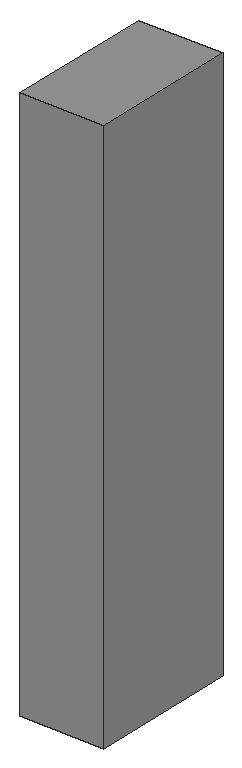
Revit family "PRE080018-FR", category Appareils sanitaires, Revit 2017
Family settings
  Cote de connecteur circulaire = Utiliser le diamètre
  Type d'élément = Normal
  Basée sur le plan de construction = Non
  Toujours verticalement = Oui
  Couper avec des vides une fois chargée = Non
  Partagée = Non
  Point de calcul de pièce = Non
Parameters (values of type "70812 PRESTO CHEF Colonne monotrou sur plage avec douchette")
  Variantes = "70812"
  Product data url = "https://www.bimobject.com/presto/product/pre080018"
  Product Guid = "31c4b49b-f578-4066-a0be-54b929e7c4f7"
  LC = 15 mm
  Garantie = ""
  URL Fabricant = "http://www.prestodatashare.com/centretelechargement/index.php?lang=FR&refs=70812"
  URL = "http://www.prestodatashare.com/centretelechargement/index.php?lang=FR&refs=70812"
  Lien notice d'utilisation = "http://www.prestodatashare.com/centretelechargement/index.php?lang=FR&refs=70812"
  Lien fiche produit = "http://www.prestodatashare.com/espacedoc/Fiches_Techniques/FR/70812.pdf"
  Reference = "70812"
  Pression = ""
  Polantis code = "PRE080018"
  Perte de charge = 0.0 Pa
  Profondeur = 300 mm
  Modèle = "70812 PRESTO CHEF Colonne monotrou sur plage avec douchette"
  Matériau = Laiton poli chromé
  Lien CCTP = "http://www.prestodatashare.com/centretelechargement/index.php?lang=FR&refs=70812"
  Largeur = 170 mm
  PC = 230 mm
  Hauteur = 1126 mm
  Fonction = "Mélangeur à tête céramique 1/4 de tour\nDouchette noire M 1/2'' avec surface de préhension limitant les risques de brûlure. Débit régulé 12L/min. Jet réglable par l'utilisateur : concentré ou mouillage. Embout\nde douchette anti-tartre. Crochet de blocage pour écoulement continu. Clapet anti-retour intégré.\nRessort de guidage pour flexible en inox\nSupport mural réglable, recoupable de 60 à 200 mm (de la colonne au mur)\nSupport de douchette ajustable : à gauche ou à droite\n\nPression d'utilisation recommandée : 1 à 5 bars\n\nDébit : 12L/min à 3 bar\n\nAlimentation hydraulique : G 1/2'' (15x 21)\n\nMatière et couleur de finition :\nCorps et colonne en laiton chromé\nMatière conforme avec la liste \"UBA\"\n\nRésistance thermique : Résiste à une température de 75° C durant 30 minutes (dans le cadre de chocs thermiques).\n\nLivré avec :\n1 étrier de fixation\n2 flexibles PEX avec écrou femelle tresse en acier inoxydable G1/2'' Lg 660 mm avec clapets anti-retour NF\n1 flexible (de douchette) tressé inox entouré d'une gaine PVC, résistant à des températures allant jusqu'à 90°C. Température d'utilisation en service à 70°C maximum\nen continu"
  Flux = 0.0316667 L/s
  Finition = "Corps en laiton chromé conforme aux normes NF EN1982/ NF EN 12164 / NF EN 12165\nTraitement de surface Nickel-Chrome selon NF EN12540\nRésistance au brouillard salin neutre (NSS) : 200 h selon NF ISO 9232"
  Fabricant = "LES ROBINETS PRESTO S.A."
  Edition number = 0
  Diamètre Nominal = 15 mm
  Description = "Produit résistant à un usage intensif\nSouplesse du ressort\nDouchette ergonomique avec fonction écoulement continu, et surface de préhension limitant les risques de brûlure. Embout permettant d'absorber les chocs. Crochet\nde blocage pour éviter les TMS (troubles musculo squelettiques)\nInterface corps/colonne renforcé\nVolants intuitifs et ergonomiques : facilité de préhension\nSupport mural réglable\nFlexible de douchette gaine PVC pour éviter les niches bactériennes et faciliter le nettoyage\nMaintenance aisée : présence d'une fente sous la pastille rouge/bleue permettant le passage d'un tournevis\nFacilité de maintenance : disponibilité de toutes les pièces d'usure"
  Debit = "1,9l/min avec limiteur de débit intégré\r (sprayer)\r\n Dispositif anti-coup de bélier\r\r\n Brise-jet : anti-vandalisme et anti-bouchage"
  Raccordement = "2xG1/2 couplé dessous milieu"
  Adresse = "7, RUE RACINE - 92542 MONTROUGE CEDEX FRANCE"
Reference planes
  plane 1 "Centre (avant/arrière)": y = 0
  plane 2: z = 0
  plane 3 "Centre (gauche/droite)": x = 0
  plane 4: y = -300
  plane 5: x = 170
  plane 6: z = 1126
  plane 7: x = 85
  plane 8: z = 1
  plane 9: y = -230
  plane 10: x = 15
  plane 11: x = 155
Forms (mm)
  Extrusion 1, solid, material "Laiton poli chromé" <- "Matériau", detail levels fine
    sketch origin (0, 0, 0) x (1, 0, 0) y (0, 1, 0)
      loop
        line (0, 0) -> (0, -300) -> (170, -300) -> (170, 0) -> (0, 0)
    from 0 to 1126
  Extrusion 2, solid, material "Laiton poli chromé" <- "Matériau", detail levels fine
    sketch origin (0, 0, 0) x (1, 0, 0) y (0, 1, 0)
      loop
        circle (15, -230) r 5
    from 0 to 1
  Extrusion 3, solid, material "Laiton poli chromé" <- "Matériau", detail levels fine
    sketch origin (0, 0, 0) x (1, 0, 0) y (0, 1, 0)
      loop
        circle (155, -230) r 5
    from 0 to 1
Cuts and joins
  joined: Extrusion 1, Extrusion 2, Extrusion 3
Dimensions and locks
  "Profondeur": plane 1 "Centre (avant/arrière)" to plane 4
  "Largeur": plane 3 "Centre (gauche/droite)" to plane 5
  "Hauteur": plane 6 to level
  equal spacing: plane 3 "Centre (gauche/droite)", plane 7, plane 5
  locked: plane 8 to plane 2 at 1
  "PC": plane 1 "Centre (avant/arrière)" to plane 9
  "LC": plane 3 "Centre (gauche/droite)" to plane 10
  "LC": plane 11 to plane 5
  aligned and locked: level to plane 2
  aligned and locked: plane 1 "Centre (avant/arrière)" to Extrusion 1 sketch curve
  aligned and locked: plane 3 "Centre (gauche/droite)" to Extrusion 1 sketch curve
  aligned and locked: plane 4 to Extrusion 1 sketch curve
  aligned and locked: plane 5 to Extrusion 1 sketch curve
  aligned and locked: plane 6 to Extrusion 1
  aligned and locked: plane 8 to Extrusion 2
  aligned and locked: plane 8 to Extrusion 3
  aligned and locked: nested 1 to plane 9
  aligned and locked: plane 7 to nested 1
  aligned and locked: plane 6 to nested 2
  aligned and locked: plane 7 to nested 2
  aligned and locked: nested 2 to plane 4
Automatic sketch dimensions
  Extrusion 2 sketch curve to plane 9 = 0 mm
  Extrusion 2 sketch curve to plane 10 = 0 mm
  Extrusion 3 sketch curve to plane 9 = 0 mm
  Extrusion 3 sketch curve to plane 11 = 0 mm
  radius of Extrusion 2 sketch curve = 5 mm
  radius of Extrusion 3 sketch curve = 5 mm
Nested families
  nested 1: "SymboliqueA6" at (0, -230, 0) x (0, 1, 0) z (0, 0, 1), type "SymboliqueA6", detail levels coarse+medium
  nested 2: "S2DA6" at (170, -150, 0) x (0, 1, 0) z (0, 0, 1), type "S2DA6", detail levels coarse+medium
Connectors
  piping at (15, -230, 0), diameter 15, driven by "Diamètre Nominal", driven by "Flux", driven by "Perte de charge"
    settings: on Extrusion 2, index 3, connector inside diameter 609.6 mm, connector length 0 mm, flow factor 0, pipe flow 0.0316667 L/s, pressure drop 0.0 Pa, fitting loss kfactor 0, connector angle 0.00°, fixture units 0, engagement length 0 mm, angle of deflection 0.00°, flow configuration 0, flow direction 1, fitting loss method 4, system type 19, joint type 0, gender type 0, connector reference index -1, connector utility 0, adjustable connector no, is connector primary yes, connector description ""
  piping at (155, -230, 0), diameter 15, driven by "Flux", driven by "Perte de charge", driven by "Diamètre Nominal"
    settings: on Extrusion 3, index 4, connector inside diameter 609.6 mm, connector length 0 mm, flow factor 0, pipe flow 0.0316667 L/s, pressure drop 0.0 Pa, fitting loss kfactor 0, connector angle 0.00°, fixture units 0, engagement length 0 mm, angle of deflection 0.00°, flow configuration 0, flow direction 1, fitting loss method 4, system type 20, joint type 0, gender type 0, connector reference index -1, connector utility 0, adjustable connector no, is connector primary no, connector description ""
Definition of nested family "SymboliqueA6"
  Parameters (values of type "SymboliqueA6")
    V = yes
    P = 1000 mm
    L = 1000 mm
    H = 1000 mm
  Reference planes
    plane 1 "Centre (avant/arrière)": y = 0
    plane 2: z = 0
    plane 3 "Centre (gauche/droite)": x = 0
    plane 4: y = -1000
    plane 5: x = -500
    plane 6: x = 500
    plane 7: z = 1000
    plane 8: z = 500
    plane 9: y = -500
  Lines and regions (mm)
    model lines
      curve 1: line (0, -1000, 1000) -> (0, 0, 0)
      curve 2: line (0, 0, 0) -> (0, -1000, 0)
      curve 3: line (0, -1000, 0) -> (0, 0, 1000)
      curve 4: line (0, 0, 1000) -> (0, -1000, 1000)
  Dimensions and locks
    "H": plane 7 to plane 2
    equal spacing: plane 5, plane 3 "Centre (gauche/droite)", plane 6
    "L": plane 5 to plane 6
    equal spacing: plane 7, plane 8, level
    equal spacing: plane 4, plane 9, plane 1 "Centre (avant/arrière)"
    "P": plane 1 "Centre (avant/arrière)" to plane 4
    aligned and locked: level to plane 2
  Automatic sketch dimensions
    curve 3 to level = 0 mm
    curve 1 to plane 1 "Centre (avant/arrière)" = 0 mm
    curve 1 to plane 7 = 0 mm
    curve 3 to plane 4 = 0 mm
    curve 3 to plane 1 "Centre (avant/arrière)" = 0 mm
    curve 4 to plane 4 = 0 mm
Definition of nested family "S2DA6"
  Parameters (values of type "S2DA6")
    P = 788.322 mm
    L = 1600 mm
    H = 1250.021 mm
  Reference planes
    plane 1 "Centre (avant/arrière)": y = 0
    plane 2: z = 0
    plane 3 "Centre (gauche/droite)": x = 0
    plane 4: y = 788.322
    plane 5: x = -800
    plane 6: x = 800
    plane 7: y = 394.161
    plane 8: z = 1250.021
    plane 9: z = 625.01
  Lines and regions (mm)
    symbolic lines
      curve 1: line (-800, 788.322, 0) -> (800, 0, 0)
      curve 2: line (800, 0, 0) -> (800, 788.322, 0)
      curve 3: line (800, 788.322, 0) -> (-800, 0, 0)
      curve 4: line (-800, 0, 0) -> (-800, 788.322, 0)
      curve 5: line (800, 0, 1250.021) -> (-800, 0, 1250.021)
      curve 6: line (-800, 0, 1250.021) -> (800, 0, 0)
      curve 7: line (800, 0, 0) -> (-800, 0, 0)
      curve 8: line (800, 0, 1250.021) -> (-800, 0, 0)
      curve 9: line (0, 788.322, 0) -> (0, 0, 1250.021)
      curve 10: line (0, 0, 1250.021) -> (0, 788.322, 1250.021)
      curve 11: line (0, 788.322, 1250.021) -> (0, 0, 0)
      curve 12: line (0, 0, 0) -> (0, 788.322, 0)
  Dimensions and locks
    equal spacing: plane 5, plane 3 "Centre (gauche/droite)", plane 6
    equal spacing: plane 1 "Centre (avant/arrière)", plane 7, plane 4
    "P": plane 1 "Centre (avant/arrière)" to plane 4
    "L": plane 5 to plane 6
    equal spacing: plane 8, plane 9, level
    "H": plane 8 to plane 2
    aligned and locked: level to plane 2
  Automatic sketch dimensions
    plane 1 "Centre (avant/arrière)" to curve 3 = 0 mm
    curve 1 to plane 4 = 0 mm
    curve 3 to plane 4 = 0 mm
    plane 1 "Centre (avant/arrière)" to curve 2 = 0 mm
    curve 3 to plane 6 = 0 mm
    curve 4 to plane 5 = 0 mm
    curve 10 to plane 1 "Centre (avant/arrière)" = 0 mm
    curve 10 to plane 8 = 0 mm
    curve 11 to plane 4 = 0 mm
    curve 12 to level = 0 mm
    curve 12 to plane 1 "Centre (avant/arrière)" = 0 mm
    curve 12 to plane 4 = 0 mm
    plane 5 to curve 5 = 0 mm
    curve 8 to level = 0 mm
    plane 5 to curve 8 = 0 mm
    plane 6 to curve 7 = 0 mm
    plane 6 to curve 8 = 0 mm
    curve 6 to plane 8 = 0 mm
